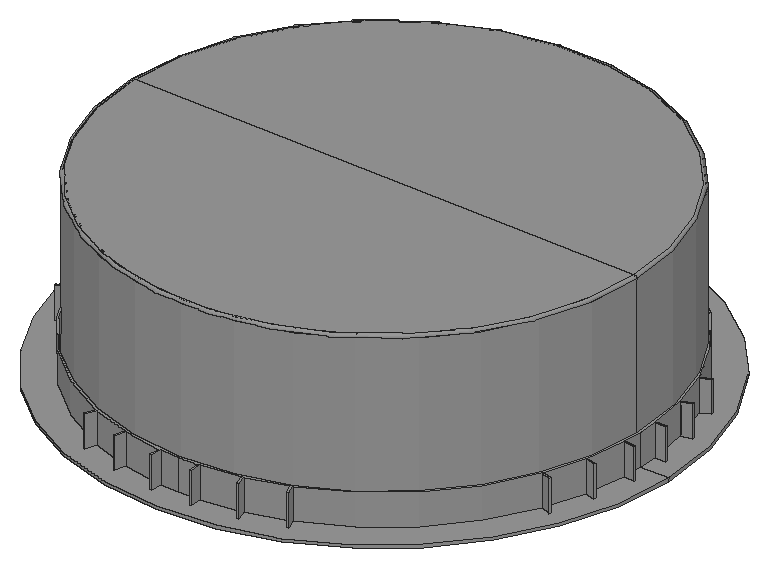
Revit family "Artemide_Tagora_Recessed_570", category Lighting Fixtures, Revit 2018
Family settings
  Round Connector Dimension = Use Diameter
  Part Type = Normal
  Work Plane-Based = Yes
  Always vertical = Yes
  Cut with Voids When Loaded = Yes
  Light Source = Yes
  Shared = No
  Room Calculation Point = No
Parameters (values of type "Tagora_Recessed_570_4000K_Dali_SwitchDim_White_M250321")
  Wattage = 58 W
  built-in parameter 1150110 = 1 (stored number, unit not read)
  Voltage = "-"
  built-in parameter 1114217 = 1 (stored number, unit not read)
  Tilt Angle = 90.00°
  built-in parameter 1150109 = 1 (stored number, unit not read)
  built-in parameter 1150134 = 12
  built-in parameter 1150113 = 1 (stored number, unit not read)
  Product Range = "Tagora"
  Photometric Web File = "M250321.IES"
  Max Height from ceiling = 0 mm
  M_Housing = Artemide_Aluminum_White
  M_Fixings = Artemide_Aluminum_Anodized
  M_Diffuser = Artemide_Glass_LightBulb
  built-in parameter 1150105 = 303.98 (stored number, unit not read)
  Lumens = 3819.88 lm
  built-in parameter 1150115 = 1 (stored number, unit not read)
  built-in parameter 1150137 = (empty or 0)
  built-in parameter 1150139 = (empty or 0)
  built-in parameter 1150112 = 1 (stored number, unit not read)
  built-in parameter 1150114 = 1 (stored number, unit not read)
  built-in parameter 1150132 = (empty or 0)
  built-in parameter 1150102 = (empty or 0)
  built-in parameter 1150107 = 4000 (stored number, unit not read)
  built-in parameter 1150138 = (empty or 0)
  built-in parameter 1150106 = 3.0398 (stored number, unit not read)
  IfcExportType = "NOT DEFINED"  # constant formula
  IfcExportAs = "IfcLightFixtureType"  # constant formula
  Weekly = "-"
  Warranty ID = "https://cloud.artemide.com/5-years-warranty"
  Upward Component  = 0
  Unified Glare Rating  = "-"
  Uniclass 2015 = "Pr_70_70_48"  # constant formula
  URL to O&M Manual = "https://www.artemide.com/contents/documenti/prodotto/tagora_incasso_570_instructions2520999.pdf"
  URL to Energy Technology List = "-"
  Trim Material = "Aluminium"
  Trim Finish = "Painted"
  Trim Colour  = "White"
  Total Power = 0
  Total Light Output  = 0
  Testing method = "-"
  Supply Phase = 0
  Suitable for Photocell Control = "-"
  Suitable for Motion Detector Control = "N"
  Suitable for Dimming  = "Y"
  Suitable Dimmer Type = "DALI"
  Standards = "-"
  Shipping Weight = 0
  Service life  = "-"
  Secondary Rated Lamp Life = 0
  Secondary Lamp Voltage = 0
  Secondary Lamp International Type Code = "-"
  Secondary Lamp Initial Lumens  = 0
  Secondary Lamp Included = "-"
  Secondary Lamp Efficacy = 0
  Secondary Lamp Colour Temperature = 0
  Secondary Lamp Colour Rendering Index = 0
  Secondary Lamp Cap = "-"
  Secondary Lamp = "-"
  Responsible Sourcing of Materials = "-"
  Responsible Extraction of Materials = "-"
  Reflector Material = "-"
  Reflector Finish = "-"
  Rated Lamp Life = 50000
  Quarterly = "-"
  Product Model Number = "M250321"
  Product Literature = "https://www.artemide.com/en/subfamily/1657791/tagora-recessed-570"
  Primary Lamp Type = "LED"
  Power Supply Kit = "-"
  Power Factor = 0
  Photocell = "-"
  Overall Width = 0
  Overall Light Output Ratio = 0
  Overall Length = 642
  Overall Height = 0
  Output Lumens Indirect light = 0
  Output Lumens Direct light = 3820
  Number of Secondary Lamps = 0
  Number of Primary Lamps = 1
  Number of Poles = 0
  Motion Sensor = "-"
  Motion Detector = "-"
  Monthly = "-"
  Minimum Operating Temperature = 0
  Maximum Operating Temperature = 0
  Material Ingredient Reporting = "-"
  Manufacturer Website = "https://www.artemide.com"
  Manufacturer = "Artemide"
  Maintenance Required: 8001-12000hrs  = "-"
  Maintenance Required: 601-1000hrs = "-"
  Maintenance Required: 4001-8000hrs  = "-"
  Maintenance Required: 301-600hrs  = "-"
  Maintenance Required: 2001-4000hrs  = "-"
  Maintenance Required: 1001-2000hrs  = "-"
  Maintenance Required: 0-300hrs  = "-"
  Luminance at 65deg Angle = 0
  Luminaire Type = "Downlight"
  Luminaire Maintenance Factor = 0
  Luminaire Cleaning Interval  = "-"
  Louvre/Lens = "-"
  Location of Manufacturer = "-"
  Light Output Pattern = "-"
  Light Fixture Mounting Type = "Recessed"
  Life Cycle Analysis = "-"
  Lamp Survival Factor = "-"
  Lamp Replacement Interval = "-"
  Lamp Included = "Y"
  Lamp Holder Material = "-"
  Lamp Cap = "LED Integrated"
  LED lifetime = 50000
  LED Maintained Colour Variation         = 0
  LED Initial Colour Variation                      = 0
  International Type Code = "-"
  Intended Market = "Unset"
  Integral Fuse or Circuit Protection  = "-"
  Integral Emergency Lighting Battery Type = "-"
  Input Lumens Indirect light = 0
  Input Lumens Direct light = 8880
  Initial Lumens = 3820
  Infills = "-"
  IP Rating = "IP20"
  IK Rating = "-"
  IES Files  = "https://www.artemide.com/product/downloadFile/1659086/ieseu/4887900"
  Housing Material = "Aluminium"
  Housing Finish  = "Painted"
  Housing Colour  = "White"
  Hazardous Area Protection Type = "-"
  Hazardous Area Category = "-"
  Gross Weight = 0
  Green Guide for Specification = "-"
  Gasket Material = "-"
  Frequency  = 0
  Fixings = "-"
  Fixing Material = "-"
  Fire Shroud = "-"
  Fire Rating Duration = 0
  Fire Rated Temperature = 0
  Fire Rated = "-"
  Features = "Any additional components/accessories included in this file are required to complete the product/configuration and must be ordered separately.Please check the catalogue/dedicated brochure for more information"
  Face Width = 0
  Face Shape = "Circular"
  Face Length = 0
  External Control Line Voltage = 0
  Expected Life = "-"
  Environmental Product Declaration = "-"
  End Caps/Transition Caps/Joints = "-"
  Emit from Circle Diameter = 475 mm
  Emit Shape Visible in Rendering = no
  Emergency light output percentage = 0
  Emergency Lighting Battery = "-"
  Emergency Charging Power       = 0
  Emergency = "N"
  Embodied Carbon  = 0
  Efficiency = 43
  built-in parameter 1150104 = 6.1186 (stored number, unit not read)
  Earth Point  = "-"
  ENEC Certification of European conformity = "N"
  Duration of Integral Emergency Lighting  = 0
  Drive Current                                          = 0
  Downward Component = 0
  Dimming Lamp Color Temperature Shift = <None>
  Diffusing screen = "-"
  Diffuser Material  = "-"
  Diffuser Finish = "-"
  Designed by = "S./R. Cornelissen"
  Default Elevation = 1219.2 mm
  Daylight Sensor = "-"
  Daily = "-"
  Cut Out Width = 606
  Cut Out Length = 186
  Current  = 0
  Control Gear Type = "-"
  Control Gear Standby Power  = 0
  Control Gear Required = "-"
  Control Gear Location = "-"
  Column = "-"
  Colour Temperature = 4000
  Colour Rendering Index = 80
  Color Filter = 16777215
  Cable Material = "-"
  CE Approval = "Y"
  Bespoke Timeframe = "-"
  Beam Angle Transverse Axis  = 0.00°
  Beam Angle Longditudinal Axis  = 0.00°
  Basis of lifetime luminaire failures        = 0
  Basis of lifetime lumen depreciation   = 0
  built-in parameter 1114218 = 1 (stored number, unit not read)
  built-in parameter 1150133 = 10 (stored number, unit not read)
  Application Environment = "Internal"
  Annually = "-"
  Ambient Temperature                             = 0
  Air Handling = "-"
  Access Clearance Top = 0
  Access Clearance Right = 0
  Access Clearance Rear = 0
  Access Clearance Left = 0
  Access Clearance Front = 0
  Access Clearance Bottom = 0
  6 Monthly = "-"
Types (8, lengths in mm): name | built-in parameter 1150134 | Photometric Web File | M_Housing | built-in parameter 1150105 | Lumens | built-in parameter 1150107 | built-in parameter 1150106 | Trim Colour  | Product Model Number | Output Lumens Direct light | Input Lumens Direct light | Initial Lumens | IES Files  | Housing Colour  | built-in parameter 1150104 | Colour Temperature
  Tagora_Recessed_570_3000K_Dali_SwitchDim_Orange_M250211 | (empty or 0) | "M250211.IES" | Artemide_Aluminum_Orange | 285.93 (stored number, unit not read) | 3593.1 lm | 3000 (stored number, unit not read) | 2.8593 (stored number, unit not read) | "Orange" | "M250211" | 3593 | 8352 | 3593 | "https://www.artemide.com/product/downloadFile/1657375/ieseu/4887935" | "Orange" | 5.7553 (stored number, unit not read) | 3000
  Tagora_Recessed_570_4000K_Dali_SwitchDim_Orange_M250311 | 12 | "M250311.IES" | Artemide_Aluminum_Orange | 303.98 (stored number, unit not read) | 3819.88 lm | 4000 (stored number, unit not read) | 3.0398 (stored number, unit not read) | "Orange" | "M250311" | 3820 | 8880 | 3820 | "https://www.artemide.com/product/downloadFile/1658746/ieseu/4887733" | "Orange" | 6.1186 (stored number, unit not read) | 4000
  Tagora_Recessed_570_3000K_Dali_SwitchDim_White_M250221 | (empty or 0) | "M250221.IES" | Artemide_Aluminum_White | 285.93 (stored number, unit not read) | 3593.1 lm | 3000 (stored number, unit not read) | 2.8593 (stored number, unit not read) | "White" | "M250221" | 3593 | 8352 | 3593 | "https://www.artemide.com/product/downloadFile/1658368/ieseu/4887882" | "White" | 5.7553 (stored number, unit not read) | 3000
  Tagora_Recessed_570_3000K_Dali_SwitchDim_Blue_M250231 | (empty or 0) | "M250231.IES" | Artemide_Aluminum_Blue | 285.93 (stored number, unit not read) | 3593.1 lm | 3000 (stored number, unit not read) | 2.8593 (stored number, unit not read) | "Blue" | "M250231" | 3593 | 8352 | 3593 | "https://www.artemide.com/product/downloadFile/2520260/ieseu/4887606" | "Blue" | 5.7553 (stored number, unit not read) | 3000
  Tagora_Recessed_570_4000K_Dali_SwitchDim_Blue_M250331 | 12 | "M250331.IES" | Artemide_Aluminum_Blue | 303.98 (stored number, unit not read) | 3819.88 lm | 4000 (stored number, unit not read) | 3.0398 (stored number, unit not read) | "Blue" | "M250331" | 3820 | 8880 | 3820 | "https://www.artemide.com/product/downloadFile/2520772/ieseu/4887974" | "Blue" | 6.1186 (stored number, unit not read) | 4000
  Tagora_Recessed_570_3000K_Dali_SwitchDim_Green_M250241 | (empty or 0) | "M250241.IES" | Artemide_Aluminum_Green | 285.93 (stored number, unit not read) | 3593.1 lm | 3000 (stored number, unit not read) | 2.8593 (stored number, unit not read) | "Green" | "M250241" | 3593 | 8352 | 3593 | "https://www.artemide.com/product/downloadFile/2519792/ieseu/4887895" | "Green" | 5.7553 (stored number, unit not read) | 3000
  Tagora_Recessed_570_4000K_Dali_SwitchDim_Green_M250341 | 12 | "M250341.IES" | Artemide_Aluminum_Green | 303.98 (stored number, unit not read) | 3819.88 lm | 4000 (stored number, unit not read) | 3.0398 (stored number, unit not read) | "Green" | "M250341" | 3820 | 8880 | 3820 | "https://www.artemide.com/product/downloadFile/2520528/ieseu/4887627" | "Green" | 6.1186 (stored number, unit not read) | 4000
  Tagora_Recessed_570_4000K_Dali_SwitchDim_White_M250321 | 12 | "M250321.IES" | Artemide_Aluminum_White | 303.98 (stored number, unit not read) | 3819.88 lm | 4000 (stored number, unit not read) | 3.0398 (stored number, unit not read) | "White" | "M250321" | 3820 | 8880 | 3820 | "https://www.artemide.com/product/downloadFile/1659086/ieseu/4887900" | "White" | 6.1186 (stored number, unit not read) | 4000
Reference planes
  plane 1 "Center (Front/Back)": y = 0
  plane 2: z = 0
  plane 3 "Center (Left/Right)": x = 0
  plane 4 "Bottom Internal Cone": z = 1.9
  plane 5 "Top External Disc": z = 5
  plane 6 "Light": z = 112.881
  plane 7 "Center L/AA": z = 40
  plane 8 "Center L/CC": z = 196.25
  plane 9 "Center L/FF": z = 194.743
  plane 10 "Center L/GG": z = 145.25
  plane 11 "Center L/HH": z = 125.915
  plane 12 "Center L/II": z = 124.647
  plane 13 "Center L/JJ": z = 99.75
  plane 14 "Center L/KK": z = 96.75
Forms (mm)
  Revolve 1, solid, material "Artemide_Aluminum_White" <- "M_Housing"
    sketch origin (0, 0, 0) x (1, 0, 0) y (0, 0, 1)
      loop
        line (-225.911, 145.25) -> (-225.911, 124.647) -> (0, 124.647) -> (0, 125.915) -> (-224.411, 125.915) -> (-224.411, 145.25) -> (-225.911, 145.25)
      axis (0, 124.647) -> (0, 145.25)
    angle from 0 to 360
  Revolve 2, solid, material "Artemide_Aluminum_White" <- "M_Housing"
    sketch origin (0, 0, 0) x (1, 0, 0) y (0, 0, 1)
      loop
        line (-225.911, 125.915) -> (-283.74, 1.9) -> (-287.4, 1.9) -> (-287.4, 0) -> (-282.64, 0) -> (-223.925, 125.915) -> (-225.911, 125.915)
      axis (0, 125.915) -> (0, 0)
    angle from 0 to 360
  Revolve 3, solid, material "Artemide_Glass_LightBulb" <- "M_Diffuser"
    sketch origin (0, 0, 0) x (1, 0, 0) y (0, 0, 1)
      loop
        line (-237.5, 96.75) -> (0, 96.75) -> (0, 99.75) -> (-236.101, 99.75) -> (-237.5, 96.75)
      axis (0, 99.75) -> (0, 96.75)
    angle from 0 to 360
  Revolve 4, solid, material "Artemide_Aluminum_Anodized" <- "M_Fixings"
    sketch origin (0, 0, 0) x (1, 0, 0) y (0, 0, 1)
      loop
        line (-287.4, 1.9) -> (-287.4, 5) -> (-321, 5) -> (-321, 1.9) -> (-287.4, 1.9)
      axis (0, 5) -> (0, 1.9)
    angle from 0 to 360
  Extrusion 5, solid, material "Artemide_Aluminum_Anodized" <- "M_Fixings"
    sketch origin (0, 0, 0) x (1, 0, 0) y (0, 1, 0)
      loop
        circle (0, 0) r 287.4
      loop
        line (-281.015, 67.466) -> (-292.683, 70.267) -> (-293.15, 68.322) -> (-281.475, 65.519)
        arc (-281.475, 65.519) -> (-285.597, 44.222) -> (-288.109, 22.675) r 289
        line (-288.109, 22.675) -> (-300.072, 23.616) -> (-300.229, 21.622) -> (-288.259, 20.68)
        arc (-288.259, 20.68) -> (-288.815, 10.347) -> (-289, 0) r 289
        arc (-289, 0) -> (-288.815, -10.347) -> (-288.259, -20.68) r 289
        line (-288.259, -20.68) -> (-300.229, -21.622) -> (-300.072, -23.616) -> (-288.109, -22.675)
        arc (-288.109, -22.675) -> (-285.597, -44.222) -> (-281.475, -65.519) r 289
        line (-281.475, -65.519) -> (-293.15, -68.322) -> (-292.683, -70.267) -> (-281.015, -67.466)
        arc (-281.015, -67.466) -> (-275.163, -88.354) -> (-267.76, -108.745) r 289
        line (-267.76, -108.745) -> (-278.853, -113.34) -> (-278.084, -115.197) -> (-267.007, -110.609)
        arc (-267.007, -110.609) -> (-204.364, -204.358) -> (-110.615, -267.001) r 289
        line (-110.615, -267.001) -> (-115.198, -278.091) -> (-113.35, -278.857) -> (-108.755, -267.764)
        arc (-108.755, -267.764) -> (-88.364, -275.167) -> (-67.475, -281.019) r 289
        line (-67.475, -281.019) -> (-70.277, -292.687) -> (-68.332, -293.154) -> (-65.529, -281.479)
        arc (-65.529, -281.479) -> (-44.231, -285.601) -> (-22.684, -288.113) r 289
        line (-22.684, -288.113) -> (-23.626, -300.076) -> (-21.632, -300.233) -> (-20.69, -288.263)
        arc (-20.69, -288.263) -> (-10.356, -288.819) -> (-0.01, -289.004) r 289
        arc (-0.01, -289.004) -> (10.337, -288.819) -> (20.671, -288.263) r 289
        line (20.671, -288.263) -> (21.613, -300.233) -> (23.607, -300.076) -> (22.665, -288.113)
        arc (22.665, -288.113) -> (44.212, -285.601) -> (65.51, -281.479) r 289
        line (65.51, -281.479) -> (68.313, -293.154) -> (70.257, -292.687) -> (67.456, -281.019)
        arc (67.456, -281.019) -> (88.345, -275.167) -> (108.735, -267.764) r 289
        line (108.735, -267.764) -> (113.33, -278.857) -> (115.188, -278.088) -> (110.6, -267.011)
        arc (110.6, -267.011) -> (204.354, -204.367) -> (267.001, -110.615) r 289
        line (267.001, -110.615) -> (278.092, -115.198) -> (278.857, -113.35) -> (267.764, -108.755)
        arc (267.764, -108.755) -> (275.167, -88.364) -> (281.019, -67.475) r 289
        line (281.019, -67.475) -> (292.687, -70.277) -> (293.154, -68.332) -> (281.479, -65.529)
        arc (281.479, -65.529) -> (285.601, -44.231) -> (288.113, -22.684) r 289
        line (288.113, -22.684) -> (300.076, -23.626) -> (300.233, -21.632) -> (288.263, -20.69)
        arc (288.263, -20.69) -> (288.819, -10.356) -> (289.004, -0.01) r 289
        arc (289.004, -0.01) -> (288.819, 10.337) -> (288.263, 20.671) r 289
        line (288.263, 20.671) -> (300.233, 21.613) -> (300.076, 23.607) -> (288.113, 22.665)
        arc (288.113, 22.665) -> (285.601, 44.212) -> (281.479, 65.51) r 289
        line (281.479, 65.51) -> (293.154, 68.313) -> (292.687, 70.257) -> (281.019, 67.456)
        arc (281.019, 67.456) -> (275.167, 88.345) -> (267.764, 108.735) r 289
        line (267.764, 108.735) -> (278.857, 113.33) -> (278.088, 115.188) -> (267.011, 110.6)
        arc (267.011, 110.6) -> (204.367, 204.354) -> (110.615, 267.001) r 289
        line (110.615, 267.001) -> (115.198, 278.091) -> (113.35, 278.857) -> (108.755, 267.764)
        arc (108.755, 267.764) -> (88.364, 275.167) -> (67.475, 281.019) r 289
        line (67.475, 281.019) -> (70.277, 292.687) -> (68.332, 293.154) -> (65.529, 281.479)
        arc (65.529, 281.479) -> (44.231, 285.601) -> (22.684, 288.113) r 289
        line (22.684, 288.113) -> (23.626, 300.076) -> (21.632, 300.233) -> (20.69, 288.263)
        arc (20.69, 288.263) -> (10.356, 288.819) -> (0.01, 289.004) r 289
        arc (0.01, 289.004) -> (-10.337, 288.819) -> (-20.671, 288.263) r 289
        line (-20.671, 288.263) -> (-21.613, 300.233) -> (-23.607, 300.076) -> (-22.665, 288.113)
        arc (-22.665, 288.113) -> (-44.212, 285.601) -> (-65.51, 281.479) r 289
        line (-65.51, 281.479) -> (-68.313, 293.154) -> (-70.257, 292.687) -> (-67.456, 281.019)
        arc (-67.456, 281.019) -> (-88.345, 275.167) -> (-108.735, 267.764) r 289
        line (-108.735, 267.764) -> (-113.33, 278.857) -> (-115.188, 278.088) -> (-110.596, 267.001)
        arc (-110.596, 267.001) -> (-204.35, 204.358) -> (-266.997, 110.605) r 289
        line (-266.997, 110.605) -> (-278.087, 115.188) -> (-278.853, 113.34) -> (-267.76, 108.745)
        arc (-267.76, 108.745) -> (-275.163, 88.354) -> (-281.015, 67.466) r 289
    from 5 to 40
  Extrusion 6, void
    sketch origin (0, 0, 0) x (1, 0, 0) y (0, 1, 0)
      loop
        circle (0, 0) r 287.4
    from 0 to 196.25
  Revolve 7, solid, material "Artemide_Aluminum_Anodized" <- "M_Fixings"
    sketch origin (0, 0, 0) x (1, 0, 0) y (0, 0, 1)
      loop
        line (0, 196.25) -> (-282, 196.25)
        arc (-282, 196.25) -> (-284.121, 195.371) -> (-285, 193.25) r 3
        line (-285, 193.25) -> (-285, 1.9) -> (-283.488, 1.9) -> (-283.488, 193.25)
        arc (-283.488, 193.25) -> (-283.051, 194.305) -> (-281.996, 194.743) r 1.493
        line (-281.996, 194.743) -> (0, 194.743) -> (0, 196.25)
      axis (0, 196.25) -> (0, 1.9)
    angle from 0 to 360
Dimensions and locks
  locked: plane 5 "Top External Disc" to plane 4 "Bottom Internal Cone" at 3.1
  locked: plane 7 "Center L/AA" to plane 2 at 40
  locked: plane 4 "Bottom Internal Cone" to plane 2 at 1.9
  locked: plane 8 "Center L/CC" to plane 9 "Center L/FF" at 1.507
  locked: plane 9 "Center L/FF" to plane 10 "Center L/GG" at 49.493
  locked: plane 10 "Center L/GG" to plane 11 "Center L/HH" at 19.335
  locked: plane 11 "Center L/HH" to plane 12 "Center L/II" at 1.268
  locked: plane 6 "Light" to plane 2 at 112.881
  locked: plane 14 "Center L/KK" to plane 2 at 96.75
  locked: plane 13 "Center L/JJ" to plane 14 "Center L/KK" at 3
  aligned and locked: plane 6 "Light" to imposter light
  aligned and locked: plane 3 "Center (Left/Right)" to imposter light
  aligned and locked: imposter light to plane 1 "Center (Front/Back)"
  aligned and locked: Revolve 2 sketch curve to plane 3 "Center (Left/Right)"
  aligned and locked: Revolve 3 sketch curve to plane 3 "Center (Left/Right)"
  aligned and locked: Revolve 4 sketch curve to plane 5 "Top External Disc"
  aligned and locked: plane 4 "Bottom Internal Cone" to Revolve 4 sketch curve
  aligned and locked: Revolve 4 sketch curve to plane 3 "Center (Left/Right)"
  aligned and locked: Extrusion 5 to plane 5 "Top External Disc"
  aligned and locked: plane 7 "Center L/AA" to Extrusion 5
  aligned and locked: Extrusion 6 to plane 2
  aligned and locked: plane 8 "Center L/CC" to Extrusion 6
  aligned and locked: Revolve 1 sketch curve to plane 10 "Center L/GG"
  aligned and locked: Revolve 1 sketch curve to plane 11 "Center L/HH"
  aligned and locked: plane 12 "Center L/II" to Revolve 1 sketch curve
  aligned and locked: Revolve 2 sketch curve to plane 11 "Center L/HH"
  aligned and locked: plane 4 "Bottom Internal Cone" to Revolve 2 sketch curve
  aligned and locked: Revolve 2 sketch curve to plane 2
  aligned and locked: Revolve 3 sketch curve to plane 13 "Center L/JJ"
  aligned and locked: plane 14 "Center L/KK" to Revolve 3 sketch curve
  aligned and locked: plane 8 "Center L/CC" to Revolve 7 sketch curve
  aligned and locked: Revolve 7 sketch curve to plane 9 "Center L/FF"
  aligned and locked: Revolve 7 sketch curve to plane 4 "Bottom Internal Cone"
  aligned and locked: Revolve 7 sketch curve to plane 3 "Center (Left/Right)"
